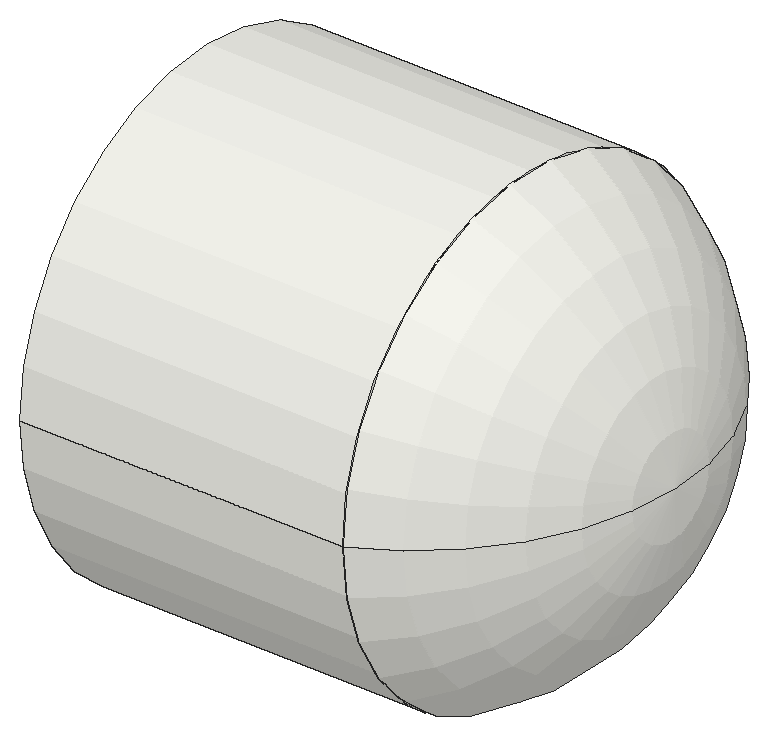
Revit family "1Cap", category Pipe Fittings, Revit 2025
Family settings
  Round Connector Dimension = Use Radius
  Part Type = Cap
  OmniClass Number = 23.60.30.11.14
  OmniClass Title = Pipework Fittings
  Work Plane-Based = No
  Always vertical = Yes
  Cut with Voids When Loaded = No
  Shared = No
Parameters
  Socket Length [instance] = size_lookup(Lookup Table Name, "SLgt", 0.44 * Nominal Diameter + 161/256", Nominal Diameter)  # 3/4"
  Radius 1 [instance] = (Height - Socket Length) / 2 + 0.5 * (Socket Outside Radius ^ 2) / (Height - Socket Length)  # 0.6068"
  Nominal Radius [instance] = 1/4"
  Nominal Diameter [instance] = Nominal Radius * 2  # 1/2"
  Loss Method = Not Defined
  Lookup Table Name = "Cap - PVC - Sch 40"
  Length 1 [instance] = sqrt((Radius 1 - (Height - Socket Length)) ^ 2 + Socket Outside Radius ^ 2)  # 0.6068"
  Height [instance] = size_lookup(Lookup Table Name, "Hgt", 0.67 * Nominal Diameter + 215/256", Nominal Diameter)  # 1.09"
  Socket Outside Radius [instance] = Socket Outside Diameter / 2  # 0.545"
  Socket Outside Diameter [instance] = size_lookup(Lookup Table Name, "SOD", 1.11 * Nominal Diameter + 69/128", Nominal Diameter)  # 1.09"
  Default Elevation = 0.000 m
Reference planes (m)
  plane 1 "Center (Front/Back)": y = 0
  plane 2: z = 0
  plane 3 "Center (Left/Right)": x = 0
  plane 4: x = 0.01905
  plane 5: x = 0.027686
  plane 6: y = 0.013843
  plane 7: x = 0.012273
  plane 8: x = 0.027686
Forms (m)
  Extrusion 1, solid, material "PVC", detail levels fine
    sketch origin (0, 0, 0) x (0, 1, 0) y (0, 0, 1)
      loop
        circle (0, 0) r 0.013843
    from 0 to 0.01905
  Revolve 2, solid, material "PVC", detail levels fine
    sketch origin (0, 0, 0) x (1, 0, 0) y (0, 1, 0)
      loop
        line (0.01905, 0.013843) -> (0.01905, 0) -> (0.027686, 0)
        arc (0.027686, 0) -> (0.02535, 0.008158) -> (0.01905, 0.013843) r 0.015413
      axis (0.01905, 0) -> (0.027686, 0)
    angle from 0 to 360
Lines and regions (m)
  model lines, detail levels coarse+medium
    curve 1: line (0, 0.013843, 0) -> (0.027686, 0.013843, 0)
    curve 2: line (0.027686, 0.013843, 0) -> (0.027686, -0.013843, 0)
    curve 3: line (0.027686, -0.013843, 0) -> (0, -0.013843, 0)
Dimensions and locks (m)
  "Socket Length": plane 3 "Center (Left/Right)" to plane 4
  "Height": plane 3 "Center (Left/Right)" to plane 5
  equal spacing: curve 3, plane 1 "Center (Front/Back)", curve 1
  "Socket Outside Radius": plane 1 "Center (Front/Back)" to curve 1
  "Socket Outside Radius": plane 1 "Center (Front/Back)" to plane 6
  "Radius 1": plane 7 to plane 5
  "Length 1": plane 7 to plane 8
  "Socket Outside Radius": radius of Extrusion 1 sketch curve
  aligned and locked: level to Extrusion 1 sketch curve
  aligned and locked: plane 1 "Center (Front/Back)" to Extrusion 1 sketch curve
  aligned and locked: plane 4 to Extrusion 1
  aligned and locked: Extrusion 1 to plane 3 "Center (Left/Right)"
  aligned and locked: curve 2 to plane 5
  aligned and locked: plane 3 "Center (Left/Right)" to curve 1
  aligned and locked: plane 3 "Center (Left/Right)" to curve 3
  aligned and locked: plane 1 "Center (Front/Back)" to Revolve 2 sketch curve  (x4)
  aligned and locked: plane 7 to Revolve 2 sketch curve  (x2)
  aligned and locked: plane 4 to Revolve 2 sketch curve  (x3)
  aligned and locked: plane 6 to Revolve 2 sketch curve
Connectors (m)
  piping at (0, 0, 0), diameter 0.0127, driven by "Nominal Radius"
    settings: on Extrusion 1, index 1, connector inside diameter 1/2", connector length 0.000 m, flow factor 0, pipe flow 0 GPM, pressure drop 0.00 psi, fitting loss kfactor 0, connector angle 0.00°, fixture units 0, engagement length 0.000 m, angle of deflection 0.00°, flow configuration 0, flow direction 0, fitting loss method 0, system type 28, joint type 0, gender type 0, connector reference index -1, connector utility 0, adjustable connector no, is connector primary yes, connector description ""
